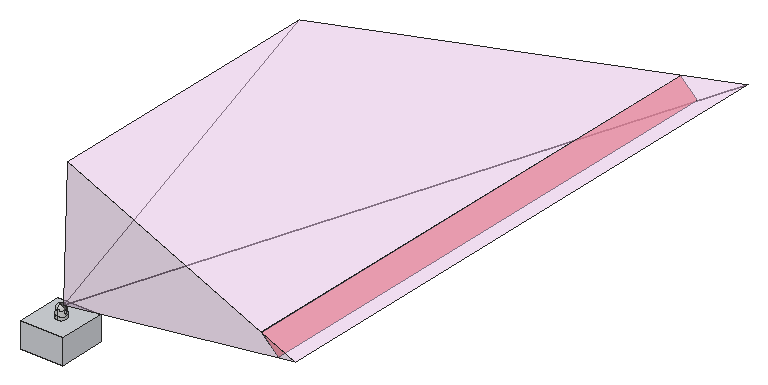
Revit family "Camera-Security-iPRO-2MP-Indoor-PTZ-Network-WV-U6130X_B6130X-SeriesX", category Security Devices, host Face, Revit 2020
Family settings
  Host = Face
  Maintain Annotation Orientation = No
  Round Connector Dimension = Use Radius
  Part Type = Normal
  OmniClass Number = 23.85.10.14.11
  OmniClass Title = Cameras
  Cut with Voids When Loaded = No
  Shared = No
  Room Calculation Point = No
Parameters (values of type "WV-U61301-Z1")
  z Yaw Actual [instance] = if(On Ceiling, 180.00°, 0.00°)  # 180.00°
  z VV Viewpoint Depth Min = z VV Viewpoint Depth Max  # 1.70118"
  z VV Viewpoint Depth Max = 1.70118"
  z VV Viewpoint Depth [instance] = (z VV Viewpoint Depth Max - z VV Viewpoint Depth Min) * z HFOV Ratio + z VV Viewpoint Depth Min  # 1.70118"
  z VV Origin HeightX [instance] = if(and(On Ceiling, Has Embedded Ceiling Mount), z VV Origin Height - z VV Origin Height Offset, z VV Origin Height)  # 4.19291"
  z VV Origin Height Offset = 2.97244"  # constant formula
  z VV Origin Height [instance] = 4.19291"  # constant formula
  z Tilt Actual Safe [instance] = if(Tilt Actual = -90.00°, -89.90°, Tilt Actual)  # 45.00°
  z Tilt Actual [instance] = Tilt Actual  # 45.00°
  z Pan Actual Safe [instance] = if(Pan Actual = -180.00°, 180.00°, Pan Actual)  # 0.00°
  z Pan Actual [instance] = Pan Actual  # 0.00°
  z HFOV Ratio [instance] = (Horizontal FOV Actual - Horizontal FOV Min) / (Horizontal FOV Max - Horizontal FOV Min)  # 0.96383
  z Const Yaw Handle Length = 9.25197"  # constant formula
  z Const Yaw Base2 Length = 17.32283"  # constant formula
  z Const Yaw Base Length = 10.23622"  # constant formula
  z Const Tilt Handle Length = 14.17323"  # constant formula
  z Const Tilt Base2 Length = 19.68504"  # constant formula
  z Const Tilt Base Length = 9.84252"  # constant formula
  z Const Pan Handle Length = 27.55906"  # constant formula
  z Bottom Offset [instance] = if(Has Embedded Ceiling Mount, 2.99213", 0.000")  # 0.000"
  not Has Embedded Ceiling Mount [instance] = not(Has Embedded Ceiling Mount)  # yes
  Wide Dynamic Range = (1 = 1)  # yes
  Weight = 1.20 kgf  # constant formula
  Voltage [instance] = if(Power Supply type is PoE, 48.00 V, 12.00 V)  # 48.00 V
  Vertical FOV Min [instance] = if(and(Aspect Ratio 4_3, not(Aspect Ratio 16_9)), VFOV Min 43, VFOV Min 169)  # 3.80°
  Vertical FOV Max [instance] = if(and(Aspect Ratio 4_3, not(Aspect Ratio 16_9)), VFOV Max 43, VFOV Max 169)  # 37.00°
  Vertical FOV Actual [instance] = z HFOV Ratio * (Vertical FOV Max - Vertical FOV Min) + Vertical FOV Min  # 35.7993°
  Vandal Resistant = (1 = 0)  # no
  VFOV Min 43 = 3.80°
  VFOV Min 169 = 3.80°
  VFOV Max 43 = 37.00°
  VFOV Max 169 = 37.00°
  URL = "https://i-pro.com/corp/en/"
  Tilting Range = "-30 to +90"  # constant formula
  Tilt Min = -30.00°  # constant formula
  Tilt Max = 90.00°  # constant formula
  Tilt Desired [instance] = 45.00°
  Tilt Actual [instance] = if(Tilt Desired > Tilt Max, Tilt Max, if(Tilt Desired < Tilt Min, Tilt Min, Tilt Desired))  # 45.00°
  Storage Temperature = "-30 ℃ to +60 ℃(-22°F to 68°F)"  # constant formula
  Show View Volume [instance] = yes
  Resolution_HD [instance] = not(Resolution_FullHD)  # no
  Resolution_FullHD [instance] = yes
  Regulatory Compliance = "UL (UL62368-1), c-UL (CSA C22.2 No.62368-1), CE, IEC62368-1, FCC (Part15 ClassA), ICES-003 Issue 7 ClassA, EN55032 ClassA, EN55035"  # constant formula
  Provide Feedback = "https://i-pro.com/corp/en/contact-list/"
  Product Page URL = "https://cwc.i-pro.com/collections/all/products/wv-b61301-z1"
  Product Material = Paint - i-Pro White
  Product Documentation Link = ""
  Power Supply type is PoE [instance] = yes
  Power Supply Type [instance] = if(Power Supply type is PoE, "PoE", "DC")  # "PoE"
  Power Active [instance] = if(Power Supply type is PoE, 12.95 W, 11.6 W)  # 12.95 W
  Part Number = Model  # "WV-U61301-Z1"
  Part Description = Description  # "Security Camera, 2MP 10x Indoor PTZ Network Camera, WV-U61301-Z1"
  Panning Range = "0 to +350"  # constant formula
  Pan Min = 0.00°  # constant formula
  Pan Max = 350.00°  # constant formula
  Pan Desired [instance] = 0.00°
  Pan Actual [instance] = if(Pan Desired > Pan Max, Pan Max, if(Pan Desired < Pan Min, Pan Min, Pan Desired))  # 0.00°
  PPM Desired [instance] = 300
  PPM Actual [instance] = if(PPM Desired > 1, PPM Desired, 1)  # 300
  Original Creation Date = "2022/08/22"  # constant formula
  Operational Temperature = "-10 °C to +50 °C (+14 °F to +122 °F)"  # constant formula
  Operational Humidity = "10 to 90 % (no condensation)"  # constant formula
  On Wall [instance] = not(On Ceiling)  # no
  On Ceiling [instance] = yes
  Mounting Positions = "Mount Dependent or Surface Mount"  # constant formula
  Model Disclaimer = "Contact i-PRO for more information"  # constant formula
  Model = "WV-U61301-Z1"
  Minimum Illumination = 0.015 lx  # constant formula
  Manufacturer = "i-PRO Co., Ltd."  # constant formula
  Indoor Or Outdoor = "Indoor"  # constant formula
  IP Or Analog = "IP"  # constant formula
  Horizontal Resolution Actual [instance] = if(and(Aspect Ratio 4_3, not(Aspect Ratio 16_9)), Horizontal Resolution 43, Horizontal Resolution 169)  # 1920
  Horizontal Resolution 43 [instance] = if(and(Resolution_FullHD, Resolution_HD), 2048, if(Resolution_FullHD, 2048, if(Resolution_HD, 1280, 2048)))  # 2048
  Horizontal Resolution 169 [instance] = if(and(Resolution_FullHD, Resolution_HD), 1920, if(Resolution_FullHD, 1920, if(Resolution_HD, 1280, 1920)))  # 1920
  Horizontal FOV Min [instance] = if(and(Aspect Ratio 4_3, not(Aspect Ratio 16_9)), HFOV Min 43, HFOV Min 169)  # 6.70°
  Horizontal FOV Max [instance] = if(and(Aspect Ratio 4_3, not(Aspect Ratio 16_9)), HFOV Max 43, HFOV Max 169)  # 62.00°
  Horizontal FOV Desired [instance] = 60.00°
  Horizontal FOV Actual [instance] = if(Horizontal FOV Desired > Horizontal FOV Max, Horizontal FOV Max, if(Horizontal FOV Desired < Horizontal FOV Min, Horizontal FOV Min, Horizontal FOV Desired))  # 60.00°
  Height = 6.10236"  # constant formula
  Has POE = (1 = 1)  # yes
  Has Embedded Ceiling Mount [instance] = no
  HFOV Min 43 = 5.10°
  HFOV Min 169 = 6.70°
  HFOV Max 43 = 48.00°
  HFOV Max 169 = 62.00°
  Family Version = "1.0.0"  # constant formula
  Equipment Number [instance] = ""
  Equipment Abbreviation = "SC"  # constant formula
  Distance to Screen [instance] = 393.70079"
  Distance to PPM Target [instance] = if(PPM Actual = 0, 0.000", 39.37008" * Horizontal Resolution Actual / (PPM Actual * 2 * tan(Horizontal FOV Actual / 2)))  # 218.21113"
  Distance to Floor [instance] = 118.11024"
  Distance to Ceiling [instance] = 0.000"
  Diameter = 4.6063"  # constant formula
  Description = "Security Camera, 2MP 10x Indoor PTZ Network Camera, WV-U61301-Z1"
  Default Elevation = 0.000"
  Day Or Night = "Yes"  # constant formula
  Date Last Modified = "2022/08/22"  # constant formula
  Copyright = "Copyright © i-PRO Co., Ltd."  # constant formula
  Communication Ports = "10Base-T / 100Base-TX, RJ-45"  # constant formula
  Audio Out = "Yes"  # constant formula
  Audio In = "Yes"  # constant formula
  Aspect Ratio 4_3 [instance] = not(Aspect Ratio 16_9)  # no
  Aspect Ratio 16_9 [instance] = yes
  Angle Of View = "62"
  Alarm Input Or Output Specification = "ALARM IN 1 (Alarm input 1/ Black & white input/ Auto time adjustment input) (x1) ALARM IN 2 (Alarm input 2/ ALARM OUT) (x1),  ARM IN 3 (Alarm input 3/ AUX OUT) (x1)"  # constant formula
  Accessory Part Number [instance] = if(Has Embedded Ceiling Mount, "WV-QED100", "Select a Mounting Option")  # "Select a Mounting Option"
Types (4): name | z VV Viewpoint Depth Min | z VV Viewpoint Depth Max | z VV Viewpoint Depth | z HFOV Ratio | Vertical FOV Min | Vertical FOV Max | Vertical FOV Actual | VFOV Min 43 | VFOV Min 169 | VFOV Max 43 | VFOV Max 169 | Product Page URL | Product Documentation Link | Part Number | Part Description | Model | Horizontal FOV Min | Horizontal FOV Max | HFOV Min 43 | HFOV Min 169 | HFOV Max 43 | HFOV Max 169 | Description | Angle Of View
  WV-U61301-Z1 | 1.70118" | 1.70118" | 1.70118" | 0.96383 | 3.80° | 37.00° | 35.7993° | 3.80° | 3.80° | 37.00° | 37.00° | "https://cwc.i-pro.com/collections/all/products/wv-b61301-z1" | "" | "WV-U61301-Z1" | "Security Camera, 2MP 10x Indoor PTZ Network Camera, WV-U61301-Z1" | "WV-U61301-Z1" | 6.70° | 62.00° | 5.10° | 6.70° | 48.00° | 62.00° | "Security Camera, 2MP 10x Indoor PTZ Network Camera, WV-U61301-Z1" | "62"
  WV-U61301-Z2 | 1.68661" | 1.68661" | 1.68661" | 0.76808 | 2.20° | 44.00° | 34.3056° | 2.20° | 2.20° | 44.00° | 44.00° | "https://i-pro.com/global/en/surveillance/products/wv-u61301-z2" | "https://bizpartner.panasonic.net/public/product/wv-u61301-z2?accordion_tab=96" | "WV-U61301-Z2" | "Security Camera, 2MP 21x Indoor PTZ Network Camera, WV-U61301-Z2" | "WV-U61301-Z2" | 3.70° | 77.00° | 2.80° | 3.70° | 58.00° | 77.00° | "Security Camera, 2MP 21x Indoor PTZ Network Camera, WV-U61301-Z2" | "77"
  WV-B61301-Z1 | 1.70118" | 1.70118" | 1.70118" | 0.96383 | 3.80° | 37.00° | 35.7993° | 3.80° | 3.80° | 37.00° | 37.00° | "https://cwc.i-pro.com/collections/all/products/wv-b61301-z1" | "" | "WV-B61301-Z1" | "Security Camera, 2MP 10x Indoor PTZ Network Camera, WV-B61301-Z1" | "WV-B61301-Z1" | 6.70° | 62.00° | 5.10° | 6.70° | 48.00° | 62.00° | "Security Camera, 2MP 10x Indoor PTZ Network Camera, WV-B61301-Z1" | "62"
  WV-B61301-Z2 | 1.68661" | 1.68661" | 1.68661" | 0.76808 | 2.20° | 44.00° | 34.3056° | 2.20° | 2.20° | 44.00° | 44.00° | "https://cwc.i-pro.com/collections/all/products/wv-b61301-z2" | "https://cwc.i-pro.comhttps://japancs.i-pro.com/space/DLJP/700580247/CAD" | "WV-B61301-Z2" | "Security Camera, 2MP 21x Indoor PTZ Network  Camera, WV-B61301-Z2" | "WV-B61301-Z2" | 3.70° | 77.00° | 2.80° | 3.70° | 58.00° | 77.00° | "Security Camera, 2MP 21x Indoor PTZ Network  Camera, WV-B61301-Z2" | "77"
Reference planes (in)
  plane 1 "Center (Front/Back)": y = 0
  plane 2 "Bottom of Base": z = 0
  plane 3 "Center (Left/Right)": x = 0
  plane 4 "Dome Right": x = 2.30315
  plane 5 "Top of NoAcs": z = 6.10236
  plane 6: z = 0
  plane 7: z = 4.19291
Forms (in)
  Extrusion 1, solid
    sketch origin (-0.60214, 0, 0) x (1, 0, 0) y (0, 1, 0)
      loop
        line (-9.63408, 11) -> (-9.63408, -11.80354) -> (10.679, -11.80354) -> (10.679, 11) -> (-9.63408, 11)
    from 0 to -12
Lines and regions (in)
  reference lines
    curve 1: line (-2.35728, 0, 4.19291) -> (0, 0, 4.19291)
    curve 2: line (0, 0, 4.19291) -> (-2.8615, 0, 4.19291)
    curve 3: line (0, 0, 0) -> (27.55906, 0, 0)
Dimensions and locks (in)
  plane 3 "Center (Left/Right)" to plane 4 "Dome Right" = 2.30315"
  "z VV Origin Height": plane 7 to plane 6
  "z Const Pan Handle Length": curve 3 to curve 3
  "z Bottom Offset": level to plane 6
  "Height": plane 5 "Top of NoAcs" to level
  "Pan Actual": angle plane 1 "Center (Front/Back)" to curve 3
  aligned and locked: plane 2 "Bottom of Base" to Extrusion 1
  aligned and locked: level to Extrusion 1
  aligned and locked: plane 7 to curve 2
  aligned and locked: nested 1 to plane 1 "Center (Front/Back)"
  aligned and locked: nested 1 to plane 3 "Center (Left/Right)"
  aligned and locked: plane 1 "Center (Front/Back)" to curve 3
Automatic sketch dimensions
  Extrusion 1 sketch curve to Extrusion 1 sketch curve = 20.31308"
  Extrusion 1 sketch curve to Extrusion 1 sketch curve = 22.80354"
  curve 2 to curve 1 = 0.50422"
  curve 2 to plane 3 "Center (Left/Right)" = 0.000"
  curve 1 to plane 3 "Center (Left/Right)" = 2.35728"
  curve 3 to plane 3 "Center (Left/Right)" = 0.000"
Nested families (in)
  nested 1: "Camera-Security-Panasonic-ViewVolumePTYZ" at (0, 0, 4.19291) x (0, 1, 0) z (0, 0, 1), Base Height Offset <- "z VV Origin HeightX", VFOV <- "Vertical FOV Actual", Target Depth <- "Distance to PPM Target", Screen Depth <- "Distance to Screen", Viewpoint Depth <- "z VV Viewpoint Depth", On Wall <- "On Wall", On Ceiling <- "On Ceiling", HFOV <- "Horizontal FOV Actual", Yaw <- "z Yaw Actual", Tilt <- "z Tilt Actual Safe", Pan <- "z Pan Actual Safe", Floor Distance <- "Distance to Floor", Ceiling Distance <- "Distance to Ceiling", visible <- "Show View Volume", type "Camera-Security-Panasonic-ViewVolumePTYZ"
    with z Yaw Actual 180.00°, z Void Width 2044.60021", z Void Thickness 794.99685", z Void Height Start -1022.30011", z Void Height End 1022.30011", z Void Direction 0, z Void Angle 0.00°, z Viewpoint Depth 1.70118", z Tilt Actual 45.00°, z Target Width 251.9685", z Target Visible yes, z Target Height 140.9575", z Target Depth 219.91231", z Screen Width 454.60651", z Screen Height 254.31829", z Screen Depth 395.40197", z Pan Actual 0.00°, z Floor Distance 118.11024", z Ceiling Distance 0.000", Yaw 180.00°, Viewpoint Origin Horizontal Offset 0.000", Viewpoint Depth 1.70118", VFOV 35.7993°, Tilt 45.00°, Target Depth 218.21113", Screen Depth 393.70079", Pan 0.00°, On Wall no, On Floor no, On Default Mount Type 0, On Ceiling yes, HFOV 60.00°, Floor Distance 118.11024", Ceiling Distance 0.000", Base Height Offset 4.19291", Base Angle Offset 0.00°
  nested 2: "Mount-iPRO" at (0, 0, 0), Product Material <- "Product Material", Has Ceiling Mount <- "Has Embedded Ceiling Mount", type "WV-QWD100C-W"
    with Product Material Paint - i-Pro White, Has Ceiling Mount no
  nested 3: "CameraBody WV-U6130X_B6130X-Series" at (0, 0, 0) x (0, 1, 0) z (0, 0, 1), Product Material <- "Product Material", Mount Visible <- "not Has Embedded Ceiling Mount", visible <- "not Has Embedded Ceiling Mount", type "CameraBody WV-U6130X_B6130X-Series"
    with Product Material Paint - i-Pro White, Mount Visible yes
Connectors (in)
  electrical at (0, 0, 0)
    settings: index 2, voltage 0.00 V, apparent load 0.0 W, apparent load phase1 0.0 W, apparent load phase2 0.0 W, apparent load phase3 0.0 W, power factor 1, load classification "Other", number of poles 1, system type 5, power factor state 1, is connector primary yes, connector utility no, sub classification motor no, connector description "Data Connection"
  electrical at (0, 0, 0), driven by "Voltage", driven by "Power Active"
    settings: index 3, voltage 48.00 V, apparent load 12.95 W, apparent load phase1 0.0 W, apparent load phase2 0.0 W, apparent load phase3 0.0 W, power factor 1, load classification "Other", number of poles 1, system type 30, power factor state 1, is connector primary no, connector utility no, sub classification motor no, connector description "Electrical Connection"
Definition of nested family "Camera-Security-Panasonic-ViewVolumePTYZ"
  Parameters (values of type "Camera-Security-Panasonic-ViewVolumePTYZ")
    z Yaw Actual [instance] = if(Yaw < 0.00°, 360.00° - (abs(Yaw) - rounddown(abs(Yaw) / 360.00°) * 360.00°), Yaw - rounddown(Yaw / 360.00°) * 360.00°)  # 0.00°
    z Void Width [instance] = if(z Screen Width > z Screen Height, z Screen Width, z Screen Height) + abs(Viewpoint Origin Horizontal Offset) + z Void Thickness * 2  # 2064.84273"
    z Void Thickness [instance] = z Screen Depth * 2 + abs(Base Height Offset)  # 805.11811"
    z Void Height Start [instance] = -z Void Width / 2  # -1032.42137"
    z Void Height End [instance] = z Void Width / 2  # 1032.42137"
    z Void Direction [instance] = if((if(On Wall, 1, 0) + if(On Floor, 1, 0) + if(On Ceiling, 1, 0)) = 1, if(On Ceiling, 0, if(On Wall, 1, 2)), On Default Mount Type)  # 0
    z Viewpoint Depth [instance] = if(Viewpoint Depth < 0.03937", 0.03937", Viewpoint Depth)  # 5.90551"
    z Tilt Actual [instance] = if(Tilt < 0.00°, 360.00° - (abs(Tilt) - rounddown(abs(Tilt) / 360.00°) * 360.00°), Tilt - rounddown(Tilt / 360.00°) * 360.00°)  # 45.00°
    z Target Visible [instance] = not(Screen Depth < Target Depth)  # yes
    z Target Thickness Start = -z Target Thickness / 2  # -0.03937"
    z Target Thickness End = z Target Thickness / 2  # 0.03937"
    z Target Depth [instance] = Target Depth + Viewpoint Depth  # 84.64567"
    z Pan Actual [instance] = if(Pan < 0.00°, 360.00° - (abs(Pan) - rounddown(abs(Pan) / 360.00°) * 360.00°), Pan - rounddown(Pan / 360.00°) * 360.00°)  # 0.00°
    z Floor Distance [instance] = if(z Void Direction = 2, if(Floor Distance < 0.000", 0.000", Floor Distance), if(Floor Distance < 0.3937", 0.3937", Floor Distance))  # 118.11024"
    z Const Yaw Base2 Length = 17.32283"  # constant formula
    z Const Tilt Base2 Length = 19.68504"  # constant formula
    z Ceiling Distance [instance] = if(z Void Direction = 2, if(Ceiling Distance < 0.3937", 0.3937", Ceiling Distance), if(Ceiling Distance < 0.000", 0.000", Ceiling Distance))  # 0.000"
    z Const Void Handle Length = 23.62205"  # constant formula
    z Void Angle [instance] = if(z Void Direction = 0, 0.00° + Base Angle Offset, if(z Void Direction = 1, 90.00° + Base Angle Offset, 180.00° + Base Angle Offset))  # 0.00°
    z Screen Depth [instance] = if(Screen Depth < 3.93701", 3.93701" + Viewpoint Depth, Screen Depth + Viewpoint Depth)  # 399.6063"
    Original Creation Date = "September, 15, 2016"  # constant formula
    On Default Mount Type [instance] = 0
    Manufacturer = "Panasonic"  # constant formula
    Family Version = "1.0.1"  # constant formula
    Default Elevation = 48.000"
    Date Last Modified = "February, 15, 2017"  # constant formula
    Copyright = "Copyright © Panasonic"  # constant formula
    Base Height Offset [instance] = 5.90551"
    Base Angle Offset [instance] = 0.00°
    z Viewpoint Width = 0.03937"  # constant formula
    z Viewpoint Height = 0.03937"  # constant formula
    VFOV [instance] = 33.75°
    z Target Width [instance] = Target Depth * tan(HFOV / 2) * 2  # 90.9213"
    z Target Thickness = 0.07874"  # constant formula
    z Target Height [instance] = Target Depth * tan(VFOV / 2) * 2  # 47.77113"
    Target Depth [instance] = 78.74016"
    z Screen Width [instance] = (z Screen Depth - Viewpoint Depth) * tan(HFOV / 2) * 2  # 454.60651"
    z Screen Height [instance] = (z Screen Depth - Viewpoint Depth) * tan(VFOV / 2) * 2  # 238.85566"
    Screen Depth [instance] = 393.70079"
    z Const Yaw Handle Length = 9.25197"  # constant formula
    z Const Yaw Base Length = 10.23622"  # constant formula
    Viewpoint Depth [instance] = 5.90551"
    Viewpoint Origin Horizontal Offset [instance] = 0.000"
    z Const Tilt Handle Length = 14.17323"  # constant formula
    z Const Tilt Base Length = 9.84252"  # constant formula
    z Const Pan Handle Length = 19.68504"  # constant formula
    z Const Pan Axis Length = 15.74803"  # constant formula
    On Wall [instance] = no
    On Floor [instance] = no
    On Ceiling [instance] = yes
    HFOV [instance] = 60.00°
    Yaw [instance] = 0.00°
    Tilt [instance] = 45.00°
    Pan [instance] = 0.00°
    Floor Distance [instance] = 118.11024"
    Ceiling Distance [instance] = 0.000"
  Reference planes (in)
    plane 1 "Center (Front/Back)": y = 0
    plane 2: z = 0
    plane 3 "Center (Left/Right)": x = 0
    plane 4 "VoidOffsetBase": z = -5.90551
  Forms (in)
    Extrusion 1, void
      sketch origin (0, 0, -5.90551) x (0, 0, 1) y (0, -1, 0)
        loop
          line (923.22835, 1032.42137) -> (118.11024, 1032.42137) -> (118.11024, -1032.42137) -> (923.22835, -1032.42137) -> (923.22835, 1032.42137)
        loop
          line (0, 1032.42137) -> (-805.11811, 1032.42137) -> (-805.11811, -1032.42137) -> (0, -1032.42137) -> (0, 1032.42137)
      from -1032.42137 <- "z Void Height Start" to 1032.42137 <- "z Void Height End"
    Blend 2, solid
      base sketch origin (0, -4.17583, 4.17583) x (0, 0.707107, 0.707107) y (-1, 0, 0)
        loop
          line (-0.01969, -0.01969) -> (0.01969, -0.01969) -> (0.01969, 0.01969) -> (-0.01969, 0.01969) -> (-0.01969, -0.01969)
      top sketch origin (0, -282.56432, 282.56432) x (0, 0.707107, 0.707107) y (-1, 0, 0)
        loop
          line (-119.42783, -227.30326) -> (119.42783, -227.30326) -> (119.42783, 227.30326) -> (-119.42783, 227.30326) -> (-119.42783, -227.30326)
      from 0 to 0
    Extrusion 3, solid, visible <- "z Target Visible"
      sketch origin (0, -59.85353, 59.85353) x (0, 0.707107, 0.707107) y (-1, 0, 0)
        loop
          line (-23.88557, -45.46065) -> (23.88557, -45.46065) -> (23.88557, 45.46065) -> (-23.88557, 45.46065) -> (-23.88557, -45.46065)
      from -0.03937 <- "z Target Thickness Start" to 0.03937 <- "z Target Thickness End"
  Cuts and joins
    Extrusion 1 cuts Blend 2
    Extrusion 1 cuts Extrusion 3
  Lines and regions (in)
    reference lines
      curve 1: line (0, 0, 0) -> (19.68504, 0, 0)
      curve 2: line (0, 0, -15.74803) -> (0, 0, 0)
      curve 3: line (0, 0, 0) -> (0, -9.84252, 0)
      curve 4: line (0, 0, 0) -> (0, 0, 19.68504)
      curve 5: line (0, -10.02199, 10.02199) -> (0, 0, 0)
      curve 6: line (0, 0, 0) -> (0, 7.2381, 7.2381)
      curve 7: line (0, 0, 0) -> (-17.32283, 0, 0)
      curve 8: line (0, 0, 0) -> (-9.25197, 0, 0)
      curve 9: line (0, -4.17583, 4.17583) -> (0, 0, 0)
      curve 10: line (0, 0, 0) -> (0, -59.85353, 59.85353)
      curve 11: line (0, 0, 0) -> (0, -282.56432, 282.56432)
      curve 12: line (-0.01969, -4.16191, 4.18975) -> (0.01969, -4.16191, 4.18975)
      curve 13: line (-0.01969, -4.18975, 4.16191) -> (0.01969, -4.18975, 4.16191)
      curve 14: line (-0.01969, -4.16191, 4.18975) -> (-0.01969, -4.18975, 4.16191)
      curve 15: line (0.01969, -4.16191, 4.18975) -> (0.01969, -4.18975, 4.16191)
      curve 16: line (-45.46065, -42.96388, 76.74317) -> (45.46065, -42.96388, 76.74317)
      curve 17: line (-45.46065, -76.74317, 42.96388) -> (45.46065, -76.74317, 42.96388)
      curve 18: line (-45.46065, -42.96388, 76.74317) -> (-45.46065, -76.74317, 42.96388)
      curve 19: line (45.46065, -42.96388, 76.74317) -> (45.46065, -76.74317, 42.96388)
      curve 20: line (-227.30326, -198.1161, 367.01255) -> (-227.30326, -367.01255, 198.1161)
      curve 21: line (227.30326, -198.1161, 367.01255) -> (227.30326, -367.01255, 198.1161)
      curve 22: line (-227.30326, -198.1161, 367.01255) -> (227.30326, -198.1161, 367.01255)
      curve 23: line (-227.30326, -367.01255, 198.1161) -> (227.30326, -367.01255, 198.1161)
      curve 24: line (0, 0, -5.90551) -> (0, 0, 17.71654)
      curve 25: line (0, -1032.42137, 917.32283) -> (0, 1032.42137, 917.32283)
      curve 26: line (0, -1032.42137, 112.20472) -> (0, -1032.42137, 917.32283)
      curve 27: line (0, 1032.42137, 112.20472) -> (0, -1032.42137, 112.20472)
      curve 28: line (0, 1032.42137, 917.32283) -> (0, 1032.42137, 112.20472)
      curve 29: line (0, -1032.42137, -5.90551) -> (0, 1032.42137, -5.90551)
      curve 30: line (0, -1032.42137, -811.02362) -> (0, -1032.42137, -5.90551)
      curve 31: line (0, 1032.42137, -811.02362) -> (0, -1032.42137, -811.02362)
      curve 32: line (0, 1032.42137, -5.90551) -> (0, 1032.42137, -811.02362)
  Dimensions and locks (in)
    "z Const Pan Handle Length": curve 1 to curve 1
    "z Const Pan Axis Length": curve 2 to curve 2
    "z Const Tilt Base Length": curve 3 to curve 3
    "z Const Pan Axis Length": curve 1 to curve 2
    "Viewpoint Origin Horizontal Offset": curve 4 to curve 2
    "z Const Tilt Base2 Length": curve 4 to curve 4
    "z Const Tilt Handle Length": curve 5 to curve 5
    "z Const Yaw Base Length": curve 6 to curve 6
    "z Const Yaw Base2 Length": curve 7 to curve 7
    "z Const Yaw Handle Length": curve 8 to curve 8
    "z Viewpoint Depth": curve 9 to curve 9
    "z Target Depth": curve 10 to curve 10
    "z Screen Depth": curve 11 to curve 11
    equal spacing: curve 13, curve 9, curve 12
    "z Viewpoint Height": curve 13 to curve 12
    equal spacing: curve 14, curve 9, curve 15
    "z Viewpoint Width": curve 14 to curve 15
    equal spacing: curve 17, curve 10, curve 16
    "z Target Height": curve 17 to curve 16
    equal spacing: curve 18, curve 10, curve 19
    "z Target Width": curve 18 to curve 19
    equal spacing: curve 20, curve 11, curve 21
    "z Screen Width": curve 20 to curve 21
    equal spacing: curve 23, curve 11, curve 22
    "z Screen Height": curve 23 to curve 22
    "z Const Void Handle Length": curve 24 to curve 24
    equal spacing: curve 26, curve 24, curve 28
    "z Void Width": curve 26 to curve 28
    "z Floor Distance": curve 27 to curve 24
    "z Ceiling Distance": curve 29 to curve 24
    "z Void Thickness": curve 31 to curve 29
    "z Void Thickness": curve 25 to curve 27
    "Base Height Offset": level to plane 4 "VoidOffsetBase"
    locked: curve 3 to curve 2 (angle 90.00°)
    locked: curve 3 to curve 4 (angle 90.00°)
    "z Tilt Actual": angle curve 4 to curve 5
    locked: curve 6 to curve 7 (angle 90.00°)
    locked: curve 6 to curve 5 (angle 90.00°)
    locked: curve 9 to curve 5 (angle 0.00°)
    locked: curve 10 to curve 5 (angle 0.00°)
    locked: curve 11 to curve 5 (angle 0.00°)
    "z Void Angle": angle plane 1 "Center (Front/Back)" to curve 24
    "z Yaw Actual": angle curve 7 to curve 8
    "z Pan Actual": angle plane 1 "Center (Front/Back)" to curve 1
    aligned and locked: level to plane 2
    aligned and locked: curve 2 to curve 1
    aligned and locked: curve 2 to curve 3
    aligned and locked: curve 3 to curve 2
    aligned and locked: curve 3 to curve 5
    aligned and locked: curve 6 to curve 7
    aligned and locked: curve 6 to curve 8
    aligned and locked: curve 8 to curve 7
    aligned and locked: curve 7 to curve 6
    aligned and locked: curve 5 to curve 11
    aligned and locked: curve 11 to curve 8
    aligned and locked: curve 12 to curve 15
    aligned and locked: curve 15 to curve 15
    aligned and locked: curve 14 to curve 14
    aligned and locked: curve 13 to curve 15
    aligned and locked: curve 16 to curve 19
    aligned and locked: curve 18 to curve 18
    aligned and locked: curve 17 to curve 19
    aligned and locked: curve 22 to curve 22
    aligned and locked: curve 21 to curve 23
    aligned and locked: curve 20 to curve 23
    aligned and locked: curve 23 to curve 23
    aligned and locked: plane 1 "Center (Front/Back)" to curve 24
    aligned and locked: curve 30 to curve 26
    aligned and locked: curve 28 to curve 32
    aligned and locked: Extrusion 1 sketch curve to curve 25
    aligned and locked: Extrusion 1 sketch curve to curve 26
    aligned and locked: Extrusion 1 sketch curve to curve 27
    aligned and locked: Extrusion 1 sketch curve to curve 28
    aligned and locked: Extrusion 1 sketch curve to curve 29
    aligned and locked: Extrusion 1 sketch curve to curve 30
    aligned and locked: Extrusion 1 sketch curve to curve 31
    aligned and locked: Extrusion 1 sketch curve to curve 32
    aligned and locked: Extrusion 1 sketch curve to Extrusion 1 sketch curve  (x8)
    aligned and locked: Blend 2 sketch curve to curve 15
    aligned and locked: Blend 2 sketch curve to curve 13
    aligned and locked: Blend 2 sketch curve to curve 14
    aligned and locked: Blend 2 sketch curve to curve 12
    aligned and locked: Blend 2 sketch curve to Blend 2 sketch curve  (x8)
    aligned and locked: Blend 2 sketch curve to curve 21
    aligned and locked: Blend 2 sketch curve to curve 23
    aligned and locked: Blend 2 sketch curve to curve 20
    aligned and locked: Blend 2 sketch curve to curve 22
    aligned and locked: Extrusion 3 sketch curve to curve 19
    aligned and locked: Extrusion 3 sketch curve to curve 17
    aligned and locked: Extrusion 3 sketch curve to curve 18
    aligned and locked: Extrusion 3 sketch curve to curve 16
    aligned and locked: Extrusion 3 sketch curve to Extrusion 3 sketch curve  (x4)
    aligned and locked: plane 3 "Center (Left/Right)" to curve 1
    aligned and locked: plane 1 "Center (Front/Back)" to curve 1
    aligned and locked: level to curve 2
    aligned and locked: plane 4 "VoidOffsetBase" to curve 24
  Automatic sketch dimensions
    curve 6 to curve 5 = 0.000"
    curve 6 to curve 5 = 10.23622"
Definition of nested family "CameraBody WV-U6130X_B6130X-Series"
  Parameters (values of type "CameraBody WV-U6130X_B6130X-Series")
    Product Material [instance] = none
    Mount Visible [instance] = yes
    Default Elevation = 48.000"
  Reference planes (in)
    plane 1 "Center (Front/Back)": y = 0
    plane 2: z = 0
    plane 3 "Center (Left/Right)": x = 0
    plane 4: z = 6.10236
    plane 5: x = 2.30315
  Forms (in)
    Extrusion 1, solid
      sketch origin (0, 0, 0) x (1, 0, 0) y (0, 1, 0)
        loop
          line (-48, 48) -> (-48, -48) -> (48, -48) -> (48, 48) -> (-48, 48)
      from 0 to -12
    Revolve 2, solid, material <- "Product Material", visible <- "Mount Visible"
      sketch origin (0, 0, 0) x (1, 0, 0) y (0, 0, 1)
        loop
          line (0, 0) -> (2.30315, 0) -> (2.30315, 1.31673) -> (2.22441, 1.31673) -> (2.22441, 1.39547) -> (2.28891, 1.39547) -> (2.08645, 4.13493)
          arc (2.08645, 4.13493) -> (1.43749, 5.53675) -> (0, 6.10232) r 2.07609
          line (0, 6.10232) -> (0, 0)
        axis (0, 6.10232) -> (0, 0)
      angle from 0 to 360
    Extrusion 3, void
      sketch origin (0.3937, 0, 0) x (1, 0, 0) y (0, 0, 1)
        loop
          line (-1.1811, 1.98177) -> (0.3937, 1.98177) -> (0.3937, 6.3883) -> (-1.1811, 6.3883) -> (-1.1811, 1.98177)
      from 3.93701 to -0.71112
    Revolve 4, solid
      sketch origin (0, 0, 0) x (1, 0, 0) y (0, 0, 1)
        loop
          line (-0.7874, 4.13495) -> (0.7874, 4.13495) -> (0.7874, 5.95261)
          arc (0.7874, 5.95261) -> (0, 6.10236) -> (-0.7874, 5.95261) r 2.14495
          line (-0.7874, 5.95261) -> (-0.7874, 4.13495)
        axis (-0.7874, 4.13495) -> (0.7874, 4.13495)
      angle from 0 to 360
  Cuts and joins
    Extrusion 3 cuts Revolve 2
  Dimensions and locks (in)
    locked: plane 4 to level at 6.10236
    locked: plane 5 to plane 3 "Center (Left/Right)" at 2.30315
    Extrusion 3 to plane 3 "Center (Left/Right)" = 0.7874"
    aligned and locked: plane 2 to Extrusion 1
    aligned and locked: level to Extrusion 1
    aligned and locked: Revolve 2 sketch curve to plane 3 "Center (Left/Right)"
    aligned and locked: Revolve 4 sketch curve to Revolve 4 sketch curve
Definition of nested family "Mount-iPRO"
  Parameters (values of type "WV-QWD100C-W")
    URL = "http://panasonic.net"
    Product Material [instance] = none
    Model = "WV-QWD100C-W"
    Manufacturer = "iPRO Corp"
    Keynote = ""
    Has Ceiling Mount [instance] = yes
    Default Elevation = 0.000"
  Reference planes (in)
    plane 1 "Center (Front/Back)": y = 0
    plane 2: z = 0
    plane 3 "Center (Left/Right)": x = 0
    plane 4: z = 0.59055
    plane 5: z = 0.3937
    plane 6: y = -2.75591
    plane 7: y = 2.75591
    plane 8: y = -1.56732
    plane 9: y = 1.33268
    plane 10: y = -3.25
    plane 11: y = -3
    plane 12: x = 3.74016
    plane 13: y = 0.375
    plane 14: y = -0.375
    plane 15: x = 3.34646
    plane 16: z = 3.12992
  Forms (in)
    Extrusion 1, solid
      sketch origin (0, 0, 0) x (1, 0, 0) y (0, 1, 0)
        loop
          line (-48, 48) -> (-48, -48) -> (48, -48) -> (48, 48) -> (-48, 48)
      from 0 to -12
    Revolve 2, solid, visible <- "Has Ceiling Mount"
      sketch origin (0, 0, 0) x (1, 0, 0) y (0, 0, 1)
        loop
          line (3.74016, 0.3937) -> (3.34646, 0.59055) -> (0, 0.59055) -> (0, 0) -> (3.74016, 0) -> (3.74016, 0.3937)
        axis (0, 0) -> (0, 0.59055)
      angle from 0 to 360
    Revolve 3, solid, visible <- "Has Ceiling Mount"
      sketch origin (0, 0, 0) x (1, 0, 0) y (0, 0, 1)
        loop
          line (0, 0.59055) -> (2.53937, 0.59055)
          arc (2.53937, 0.59055) -> (1.79561, 2.38616) -> (0, 3.12992) r 2.53937
          line (0, 3.12992) -> (0, 0.59055)
        axis (0, 3.12992) -> (0, 0.59055)
      angle from 0 to 360
  Lines and regions (in)
    Masking region 1, visible <- "Has Ceiling Mount"
      outline origin (0, 0, 0) x (1, 0, 0) y (0, 1, 0)
        loop
          circle (0, 0) r 4.03063
    Masking region 2, not visible
      outline origin (0, 0, 0) x (1, 0, 0) y (0, 1, 0)
        loop
          circle (0, 0) r 3.1565
    Masking region 3, not visible
      outline origin (0, 0, 0) x (1, 0, 0) y (0, 1, 0)
        loop
          circle (0, 0) r 2.08661
  Dimensions and locks (in)
    locked: plane 8 to plane 9 at 2.9
    plane 6 to plane 1 "Center (Front/Back)" to plane 7 = 2.75591" locked, 2.75591" locked
    locked: plane 12 to plane 3 "Center (Left/Right)" at 3.74016
    locked: plane 5 to level at 0.3937
    locked: plane 4 to level at 0.59055
    locked: plane 12 to plane 15 at 0.3937
    plane 16 to level = 3.12992"
    locked: Masking region 1 sketch curve to Masking region 1 sketch curve (radius 4.03063")
    radius of Revolve 3 sketch curve = 2.53937"
    aligned and locked: plane 2 to Extrusion 1
    aligned and locked: level to Extrusion 1
